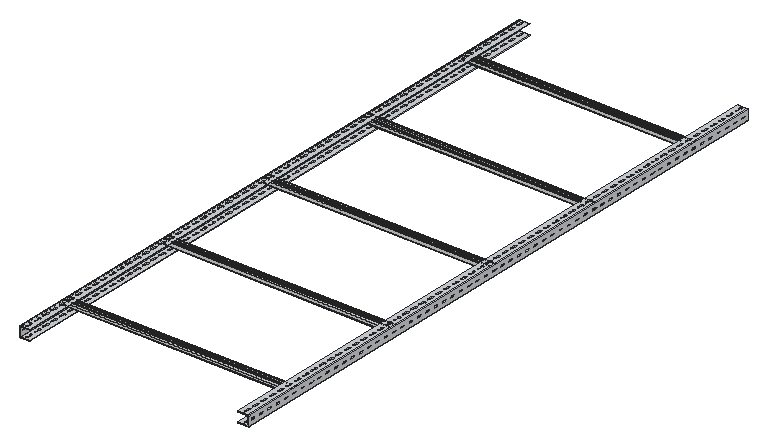
Revit family "steigeleiter_1100_FT", category Generic Models, Revit 2017 (continued)
Forms (mm)
  Extrusion 306, void
    sketch origin (0, 250, 0) x (0, 1, 0) y (0, 0, 1)
      loop
        arc (34.5, 19.5) -> (40, 25) -> (34.5, 30.5) r 5.5
    from -550 to -547.5
  Extrusion 307, void
    sketch origin (0, 300, 0) x (0, 1, 0) y (0, 0, 1)
      loop
        line (34.5, 30.5) -> (15.5, 30.5)
        arc (15.5, 30.5) -> (10, 25) -> (15.5, 19.5) r 5.5
        line (15.5, 19.5) -> (34.5, 19.5)
        arc (34.5, 19.5) -> (40, 25) -> (34.5, 30.5) r 5.5
    from -550 to -547.5
  Extrusion 308, void
    sketch origin (0, 350, 0) x (0, 1, 0) y (0, 0, 1)
      loop
        line (34.5, 30.5) -> (15.5, 30.5)
        arc (15.5, 30.5) -> (10, 25) -> (15.5, 19.5) r 5.5
        line (15.5, 19.5) -> (34.5, 19.5)
        arc (34.5, 19.5) -> (40, 25) -> (34.5, 30.5) r 5.5
    from -550 to -547.5
  Extrusion 309, void
    sketch origin (0, 400, 0) x (0, 1, 0) y (0, 0, 1)
      loop
        line (34.5, 30.5) -> (15.5, 30.5)
        arc (15.5, 30.5) -> (10, 25) -> (15.5, 19.5) r 5.5
        line (15.5, 19.5) -> (34.5, 19.5)
        arc (34.5, 19.5) -> (40, 25) -> (34.5, 30.5) r 5.5
    from -550 to -547.5
  Extrusion 310, void
    sketch origin (0, 450, 0) x (0, 1, 0) y (0, 0, 1)
      loop
        line (34.5, 30.5) -> (15.5, 30.5)
        arc (15.5, 30.5) -> (10, 25) -> (15.5, 19.5) r 5.5
        line (15.5, 19.5) -> (34.5, 19.5)
        arc (34.5, 19.5) -> (40, 25) -> (34.5, 30.5) r 5.5
    from -550 to -547.5
  Extrusion 311, void
    sketch origin (0, 500, 0) x (0, 1, 0) y (0, 0, 1)
      loop
        line (34.5, 30.5) -> (15.5, 30.5)
        arc (15.5, 30.5) -> (10, 25) -> (15.5, 19.5) r 5.5
        line (15.5, 19.5) -> (34.5, 19.5)
        arc (34.5, 19.5) -> (40, 25) -> (34.5, 30.5) r 5.5
    from -550 to -547.5
  Extrusion 312, void
    sketch origin (0, 550, 0) x (0, 1, 0) y (0, 0, 1)
      loop
        line (34.5, 30.5) -> (15.5, 30.5)
        arc (15.5, 30.5) -> (10, 25) -> (15.5, 19.5) r 5.5
        line (15.5, 19.5) -> (34.5, 19.5)
        arc (34.5, 19.5) -> (40, 25) -> (34.5, 30.5) r 5.5
    from -550 to -547.5
  Extrusion 313, void
    sketch origin (0, 600, 0) x (0, 1, 0) y (0, 0, 1)
      loop
        line (34.5, 30.5) -> (15.5, 30.5)
        arc (15.5, 30.5) -> (10, 25) -> (15.5, 19.5) r 5.5
        line (15.5, 19.5) -> (34.5, 19.5)
        arc (34.5, 19.5) -> (40, 25) -> (34.5, 30.5) r 5.5
    from -550 to -547.5
  Extrusion 314, void
    sketch origin (0, 650, 0) x (0, 1, 0) y (0, 0, 1)
      loop
        line (34.5, 30.5) -> (15.5, 30.5)
        arc (15.5, 30.5) -> (10, 25) -> (15.5, 19.5) r 5.5
        line (15.5, 19.5) -> (34.5, 19.5)
        arc (34.5, 19.5) -> (40, 25) -> (34.5, 30.5) r 5.5
    from -550 to -547.5
  Extrusion 315, void
    sketch origin (0, 700, 0) x (0, 1, 0) y (0, 0, 1)
      loop
        line (34.5, 30.5) -> (15.5, 30.5)
        arc (15.5, 30.5) -> (10, 25) -> (15.5, 19.5) r 5.5
        line (15.5, 19.5) -> (34.5, 19.5)
        arc (34.5, 19.5) -> (40, 25) -> (34.5, 30.5) r 5.5
    from -550 to -547.5
  Extrusion 316, void
    sketch origin (0, 750, 0) x (0, 1, 0) y (0, 0, 1)
      loop
        line (34.5, 30.5) -> (15.5, 30.5)
        arc (15.5, 30.5) -> (10, 25) -> (15.5, 19.5) r 5.5
        line (15.5, 19.5) -> (34.5, 19.5)
        arc (34.5, 19.5) -> (40, 25) -> (34.5, 30.5) r 5.5
    from -550 to -547.5
  Extrusion 317, void
    sketch origin (0, 800, 0) x (0, 1, 0) y (0, 0, 1)
      loop
        line (34.5, 30.5) -> (15.5, 30.5)
        arc (15.5, 30.5) -> (10, 25) -> (15.5, 19.5) r 5.5
        line (15.5, 19.5) -> (34.5, 19.5)
        arc (34.5, 19.5) -> (40, 25) -> (34.5, 30.5) r 5.5
    from -550 to -547.5
  Extrusion 318, void
    sketch origin (0, 850, 0) x (0, 1, 0) y (0, 0, 1)
      loop
        line (34.5, 30.5) -> (15.5, 30.5)
        arc (15.5, 30.5) -> (10, 25) -> (15.5, 19.5) r 5.5
        line (15.5, 19.5) -> (34.5, 19.5)
        arc (34.5, 19.5) -> (40, 25) -> (34.5, 30.5) r 5.5
    from -550 to -547.5
  Extrusion 319, void
    sketch origin (0, 900, 0) x (0, 1, 0) y (0, 0, 1)
      loop
        line (34.5, 30.5) -> (15.5, 30.5)
        arc (15.5, 30.5) -> (10, 25) -> (15.5, 19.5) r 5.5
        line (15.5, 19.5) -> (34.5, 19.5)
        arc (34.5, 19.5) -> (40, 25) -> (34.5, 30.5) r 5.5
    from -550 to -547.5
  Extrusion 320, void
    sketch origin (0, 950, 0) x (0, 1, 0) y (0, 0, 1)
      loop
        line (34.5, 30.5) -> (15.5, 30.5)
        arc (15.5, 30.5) -> (10, 25) -> (15.5, 19.5) r 5.5
        line (15.5, 19.5) -> (34.5, 19.5)
        arc (34.5, 19.5) -> (40, 25) -> (34.5, 30.5) r 5.5
    from -550 to -547.5
  Extrusion 321, void
    sketch origin (0, 1000, 0) x (0, 1, 0) y (0, 0, 1)
      loop
        line (34.5, 30.5) -> (15.5, 30.5)
        arc (15.5, 30.5) -> (10, 25) -> (15.5, 19.5) r 5.5
        line (15.5, 19.5) -> (34.5, 19.5)
        arc (34.5, 19.5) -> (40, 25) -> (34.5, 30.5) r 5.5
    from -550 to -547.5
  Extrusion 322, void
    sketch origin (0, 1050, 0) x (0, 1, 0) y (0, 0, 1)
      loop
        line (34.5, 30.5) -> (15.5, 30.5)
        arc (15.5, 30.5) -> (10, 25) -> (15.5, 19.5) r 5.5
        line (15.5, 19.5) -> (34.5, 19.5)
        arc (34.5, 19.5) -> (40, 25) -> (34.5, 30.5) r 5.5
    from -550 to -547.5
  Extrusion 323, void
    sketch origin (0, 1100, 0) x (0, 1, 0) y (0, 0, 1)
      loop
        line (34.5, 30.5) -> (15.5, 30.5)
        arc (15.5, 30.5) -> (10, 25) -> (15.5, 19.5) r 5.5
        line (15.5, 19.5) -> (34.5, 19.5)
        arc (34.5, 19.5) -> (40, 25) -> (34.5, 30.5) r 5.5
    from -550 to -547.5
  Extrusion 324, void
    sketch origin (0, 1150, 0) x (0, 1, 0) y (0, 0, 1)
      loop
        line (34.5, 30.5) -> (15.5, 30.5)
        arc (15.5, 30.5) -> (10, 25) -> (15.5, 19.5) r 5.5
        line (15.5, 19.5) -> (34.5, 19.5)
        arc (34.5, 19.5) -> (40, 25) -> (34.5, 30.5) r 5.5
    from -550 to -547.5
  Extrusion 325, void
    sketch origin (0, 1200, 0) x (0, 1, 0) y (0, 0, 1)
      loop
        line (34.5, 30.5) -> (15.5, 30.5)
        arc (15.5, 30.5) -> (10, 25) -> (15.5, 19.5) r 5.5
        line (15.5, 19.5) -> (34.5, 19.5)
        arc (34.5, 19.5) -> (40, 25) -> (34.5, 30.5) r 5.5
    from -550 to -547.5
  Extrusion 326, void
    sketch origin (0, 1250, 0) x (0, 1, 0) y (0, 0, 1)
      loop
        line (34.5, 30.5) -> (15.5, 30.5)
        arc (15.5, 30.5) -> (10, 25) -> (15.5, 19.5) r 5.5
        line (15.5, 19.5) -> (34.5, 19.5)
        arc (34.5, 19.5) -> (40, 25) -> (34.5, 30.5) r 5.5
    from -550 to -547.5
  Extrusion 327, void
    sketch origin (0, 1300, 0) x (0, 1, 0) y (0, 0, 1)
      loop
        line (34.5, 30.5) -> (15.5, 30.5)
        arc (15.5, 30.5) -> (10, 25) -> (15.5, 19.5) r 5.5
        line (15.5, 19.5) -> (34.5, 19.5)
        arc (34.5, 19.5) -> (40, 25) -> (34.5, 30.5) r 5.5
    from -550 to -547.5
  Extrusion 328, void
    sketch origin (0, 1350, 0) x (0, 1, 0) y (0, 0, 1)
      loop
        line (34.5, 30.5) -> (15.5, 30.5)
        arc (15.5, 30.5) -> (10, 25) -> (15.5, 19.5) r 5.5
        line (15.5, 19.5) -> (34.5, 19.5)
        arc (34.5, 19.5) -> (40, 25) -> (34.5, 30.5) r 5.5
    from -550 to -547.5
  Extrusion 329, void
    sketch origin (0, 1400, 0) x (0, 1, 0) y (0, 0, 1)
      loop
        line (34.5, 30.5) -> (15.5, 30.5)
        arc (15.5, 30.5) -> (10, 25) -> (15.5, 19.5) r 5.5
        line (15.5, 19.5) -> (34.5, 19.5)
        arc (34.5, 19.5) -> (40, 25) -> (34.5, 30.5) r 5.5
    from -550 to -547.5
  Extrusion 330, void
    sketch origin (0, 1450, 0) x (0, 1, 0) y (0, 0, 1)
      loop
        line (34.5, 30.5) -> (15.5, 30.5)
        arc (15.5, 30.5) -> (10, 25) -> (15.5, 19.5) r 5.5
        line (15.5, 19.5) -> (34.5, 19.5)
        arc (34.5, 19.5) -> (40, 25) -> (34.5, 30.5) r 5.5
    from -550 to -547.5
  Extrusion 331, void
    sketch origin (0, 1500, 0) x (0, 1, 0) y (0, 0, 1)
      loop
        line (34.5, 30.5) -> (15.5, 30.5)
        arc (15.5, 30.5) -> (10, 25) -> (15.5, 19.5) r 5.5
        line (15.5, 19.5) -> (34.5, 19.5)
        arc (34.5, 19.5) -> (40, 25) -> (34.5, 30.5) r 5.5
    from -550 to -547.5
  Extrusion 332, void
    sketch origin (0, 1550, 0) x (0, 1, 0) y (0, 0, 1)
      loop
        line (34.5, 30.5) -> (15.5, 30.5)
        arc (15.5, 30.5) -> (10, 25) -> (15.5, 19.5) r 5.5
        line (15.5, 19.5) -> (34.5, 19.5)
        arc (34.5, 19.5) -> (40, 25) -> (34.5, 30.5) r 5.5
    from -550 to -547.5
  Extrusion 333, void
    sketch origin (0, 1600, 0) x (0, 1, 0) y (0, 0, 1)
      loop
        line (34.5, 30.5) -> (15.5, 30.5)
        arc (15.5, 30.5) -> (10, 25) -> (15.5, 19.5) r 5.5
        line (15.5, 19.5) -> (34.5, 19.5)
        arc (34.5, 19.5) -> (40, 25) -> (34.5, 30.5) r 5.5
    from -550 to -547.5
  Extrusion 334, void
    sketch origin (0, 1650, 0) x (0, 1, 0) y (0, 0, 1)
      loop
        line (34.5, 30.5) -> (15.5, 30.5)
        arc (15.5, 30.5) -> (10, 25) -> (15.5, 19.5) r 5.5
        line (15.5, 19.5) -> (34.5, 19.5)
        arc (34.5, 19.5) -> (40, 25) -> (34.5, 30.5) r 5.5
    from -550 to -547.5
  Extrusion 335, void
    sketch origin (0, 1700, 0) x (0, 1, 0) y (0, 0, 1)
      loop
        line (34.5, 30.5) -> (15.5, 30.5)
        arc (15.5, 30.5) -> (10, 25) -> (15.5, 19.5) r 5.5
        line (15.5, 19.5) -> (34.5, 19.5)
        arc (34.5, 19.5) -> (40, 25) -> (34.5, 30.5) r 5.5
    from -550 to -547.5
  Extrusion 336, void
    sketch origin (0, 1750, 0) x (0, 1, 0) y (0, 0, 1)
      loop
        line (34.5, 30.5) -> (15.5, 30.5)
        arc (15.5, 30.5) -> (10, 25) -> (15.5, 19.5) r 5.5
        line (15.5, 19.5) -> (34.5, 19.5)
        arc (34.5, 19.5) -> (40, 25) -> (34.5, 30.5) r 5.5
    from -550 to -547.5
  Extrusion 337, void
    sketch origin (0, 1800, 0) x (0, 1, 0) y (0, 0, 1)
      loop
        line (34.5, 30.5) -> (15.5, 30.5)
        arc (15.5, 30.5) -> (10, 25) -> (15.5, 19.5) r 5.5
        line (15.5, 19.5) -> (34.5, 19.5)
        arc (34.5, 19.5) -> (40, 25) -> (34.5, 30.5) r 5.5
    from -550 to -547.5
  Extrusion 338, void
    sketch origin (0, 1850, 0) x (0, 1, 0) y (0, 0, 1)
      loop
        line (34.5, 30.5) -> (15.5, 30.5)
        arc (15.5, 30.5) -> (10, 25) -> (15.5, 19.5) r 5.5
        line (15.5, 19.5) -> (34.5, 19.5)
        arc (34.5, 19.5) -> (40, 25) -> (34.5, 30.5) r 5.5
    from -550 to -547.5
  Extrusion 339, void
    sketch origin (0, 1900, 0) x (0, 1, 0) y (0, 0, 1)
      loop
        line (34.5, 30.5) -> (15.5, 30.5)
        arc (15.5, 30.5) -> (10, 25) -> (15.5, 19.5) r 5.5
        line (15.5, 19.5) -> (34.5, 19.5)
        arc (34.5, 19.5) -> (40, 25) -> (34.5, 30.5) r 5.5
    from -550 to -547.5
  Extrusion 340, void
    sketch origin (0, 1950, 0) x (0, 1, 0) y (0, 0, 1)
      loop
        line (34.5, 30.5) -> (15.5, 30.5)
        arc (15.5, 30.5) -> (10, 25) -> (15.5, 19.5) r 5.5
        line (15.5, 19.5) -> (34.5, 19.5)
        arc (34.5, 19.5) -> (40, 25) -> (34.5, 30.5) r 5.5
    from -550 to -547.5
  Extrusion 341, void
    sketch origin (0, 2000, 0) x (0, 1, 0) y (0, 0, 1)
      loop
        line (34.5, 30.5) -> (15.5, 30.5)
        arc (15.5, 30.5) -> (10, 25) -> (15.5, 19.5) r 5.5
        line (15.5, 19.5) -> (34.5, 19.5)
        arc (34.5, 19.5) -> (40, 25) -> (34.5, 30.5) r 5.5
    from -550 to -547.5
  Extrusion 342, void
    sketch origin (0, 2050, 0) x (0, 1, 0) y (0, 0, 1)
      loop
        line (34.5, 30.5) -> (15.5, 30.5)
        arc (15.5, 30.5) -> (10, 25) -> (15.5, 19.5) r 5.5
        line (15.5, 19.5) -> (34.5, 19.5)
        arc (34.5, 19.5) -> (40, 25) -> (34.5, 30.5) r 5.5
    from -550 to -547.5
  Extrusion 343, void
    sketch origin (0, 2100, 0) x (0, 1, 0) y (0, 0, 1)
      loop
        line (34.5, 30.5) -> (15.5, 30.5)
        arc (15.5, 30.5) -> (10, 25) -> (15.5, 19.5) r 5.5
        line (15.5, 19.5) -> (34.5, 19.5)
        arc (34.5, 19.5) -> (40, 25) -> (34.5, 30.5) r 5.5
    from -550 to -547.5
  Extrusion 344, void
    sketch origin (0, 2150, 0) x (0, 1, 0) y (0, 0, 1)
      loop
        line (34.5, 30.5) -> (15.5, 30.5)
        arc (15.5, 30.5) -> (10, 25) -> (15.5, 19.5) r 5.5
        line (15.5, 19.5) -> (34.5, 19.5)
        arc (34.5, 19.5) -> (40, 25) -> (34.5, 30.5) r 5.5
    from -550 to -547.5
  Extrusion 345, void
    sketch origin (0, 2200, 0) x (0, 1, 0) y (0, 0, 1)
      loop
        line (34.5, 30.5) -> (15.5, 30.5)
        arc (15.5, 30.5) -> (10, 25) -> (15.5, 19.5) r 5.5
        line (15.5, 19.5) -> (34.5, 19.5)
        arc (34.5, 19.5) -> (40, 25) -> (34.5, 30.5) r 5.5
    from -550 to -547.5
  Extrusion 346, void
    sketch origin (0, 2250, 0) x (0, 1, 0) y (0, 0, 1)
      loop
        line (34.5, 30.5) -> (15.5, 30.5)
        arc (15.5, 30.5) -> (10, 25) -> (15.5, 19.5) r 5.5
        line (15.5, 19.5) -> (34.5, 19.5)
        arc (34.5, 19.5) -> (40, 25) -> (34.5, 30.5) r 5.5
    from -550 to -547.5
  Extrusion 347, void
    sketch origin (0, 2300, 0) x (0, 1, 0) y (0, 0, 1)
      loop
        line (34.5, 30.5) -> (15.5, 30.5)
        arc (15.5, 30.5) -> (10, 25) -> (15.5, 19.5) r 5.5
        line (15.5, 19.5) -> (34.5, 19.5)
        arc (34.5, 19.5) -> (40, 25) -> (34.5, 30.5) r 5.5
    from -550 to -547.5
  Extrusion 348, void
    sketch origin (0, 2350, 0) x (0, 1, 0) y (0, 0, 1)
      loop
        line (34.5, 30.5) -> (15.5, 30.5)
        arc (15.5, 30.5) -> (10, 25) -> (15.5, 19.5) r 5.5
        line (15.5, 19.5) -> (34.5, 19.5)
        arc (34.5, 19.5) -> (40, 25) -> (34.5, 30.5) r 5.5
    from -550 to -547.5
  Extrusion 349, void
    sketch origin (0, 2400, 0) x (0, 1, 0) y (0, 0, 1)
      loop
        line (34.5, 30.5) -> (15.5, 30.5)
        arc (15.5, 30.5) -> (10, 25) -> (15.5, 19.5) r 5.5
        line (15.5, 19.5) -> (34.5, 19.5)
        arc (34.5, 19.5) -> (40, 25) -> (34.5, 30.5) r 5.5
    from -550 to -547.5
  Extrusion 350, void
    sketch origin (0, 2450, 0) x (0, 1, 0) y (0, 0, 1)
      loop
        line (34.5, 30.5) -> (15.5, 30.5)
        arc (15.5, 30.5) -> (10, 25) -> (15.5, 19.5) r 5.5
        line (15.5, 19.5) -> (34.5, 19.5)
        arc (34.5, 19.5) -> (40, 25) -> (34.5, 30.5) r 5.5
    from -550 to -547.5
  Extrusion 351, void
    sketch origin (0, 2500, 0) x (0, 1, 0) y (0, 0, 1)
      loop
        line (34.5, 30.5) -> (15.5, 30.5)
        arc (15.5, 30.5) -> (10, 25) -> (15.5, 19.5) r 5.5
        line (15.5, 19.5) -> (34.5, 19.5)
        arc (34.5, 19.5) -> (40, 25) -> (34.5, 30.5) r 5.5
    from -550 to -547.5
  Extrusion 352, void
    sketch origin (0, 2550, 0) x (0, 1, 0) y (0, 0, 1)
      loop
        line (34.5, 30.5) -> (15.5, 30.5)
        arc (15.5, 30.5) -> (10, 25) -> (15.5, 19.5) r 5.5
        line (15.5, 19.5) -> (34.5, 19.5)
        arc (34.5, 19.5) -> (40, 25) -> (34.5, 30.5) r 5.5
    from -550 to -547.5
  Extrusion 353, void
    sketch origin (0, 2600, 0) x (0, 1, 0) y (0, 0, 1)
      loop
        line (34.5, 30.5) -> (15.5, 30.5)
        arc (15.5, 30.5) -> (10, 25) -> (15.5, 19.5) r 5.5
        line (15.5, 19.5) -> (34.5, 19.5)
        arc (34.5, 19.5) -> (40, 25) -> (34.5, 30.5) r 5.5
    from -550 to -547.5
  Extrusion 354, void
    sketch origin (0, 2650, 0) x (0, 1, 0) y (0, 0, 1)
      loop
        line (34.5, 30.5) -> (15.5, 30.5)
        arc (15.5, 30.5) -> (10, 25) -> (15.5, 19.5) r 5.5
        line (15.5, 19.5) -> (34.5, 19.5)
        arc (34.5, 19.5) -> (40, 25) -> (34.5, 30.5) r 5.5
    from -550 to -547.5
  Extrusion 355, void
    sketch origin (0, 2700, 0) x (0, 1, 0) y (0, 0, 1)
      loop
        line (34.5, 30.5) -> (15.5, 30.5)
        arc (15.5, 30.5) -> (10, 25) -> (15.5, 19.5) r 5.5
        line (15.5, 19.5) -> (34.5, 19.5)
        arc (34.5, 19.5) -> (40, 25) -> (34.5, 30.5) r 5.5
    from -550 to -547.5
  Extrusion 356, void
    sketch origin (0, 2750, 0) x (0, 1, 0) y (0, 0, 1)
      loop
        line (34.5, 30.5) -> (15.5, 30.5)
        arc (15.5, 30.5) -> (10, 25) -> (15.5, 19.5) r 5.5
        line (15.5, 19.5) -> (34.5, 19.5)
        arc (34.5, 19.5) -> (40, 25) -> (34.5, 30.5) r 5.5
    from -550 to -547.5
  Extrusion 357, void
    sketch origin (0, 2800, 0) x (0, 1, 0) y (0, 0, 1)
      loop
        line (34.5, 30.5) -> (15.5, 30.5)
        arc (15.5, 30.5) -> (10, 25) -> (15.5, 19.5) r 5.5
        line (15.5, 19.5) -> (34.5, 19.5)
        arc (34.5, 19.5) -> (40, 25) -> (34.5, 30.5) r 5.5
    from -550 to -547.5
  Extrusion 358, void
    sketch origin (0, 2850, 0) x (0, 1, 0) y (0, 0, 1)
      loop
        line (34.5, 30.5) -> (15.5, 30.5)
        arc (15.5, 30.5) -> (10, 25) -> (15.5, 19.5) r 5.5
        line (15.5, 19.5) -> (34.5, 19.5)
        arc (34.5, 19.5) -> (40, 25) -> (34.5, 30.5) r 5.5
    from -550 to -547.5
  Extrusion 359, void
    sketch origin (0, 2900, 0) x (0, 1, 0) y (0, 0, 1)
      loop
        line (34.5, 30.5) -> (15.5, 30.5)
        arc (15.5, 30.5) -> (10, 25) -> (15.5, 19.5) r 5.5
        line (15.5, 19.5) -> (34.5, 19.5)
        arc (34.5, 19.5) -> (40, 25) -> (34.5, 30.5) r 5.5
    from -550 to -547.5
  Extrusion 360, void
    sketch origin (0, 2950, 0) x (0, 1, 0) y (0, 0, 1)
      loop
        line (34.5, 30.5) -> (15.5, 30.5)
        arc (15.5, 30.5) -> (10, 25) -> (15.5, 19.5) r 5.5
        line (15.5, 19.5) -> (34.5, 19.5)
        arc (34.5, 19.5) -> (40, 25) -> (34.5, 30.5) r 5.5
    from -550 to -547.5
  Extrusion 361, void
    sketch origin (0, 0, 0) x (0, 1, 0) y (0, 0, 1)
      loop
        line (34.5, 30.5) -> (15.5, 30.5)
        arc (15.5, 30.5) -> (10, 25) -> (15.5, 19.5) r 5.5
        line (15.5, 19.5) -> (34.5, 19.5)
        arc (34.5, 19.5) -> (40, 25) -> (34.5, 30.5) r 5.5
    from -550 to -547.5
  Extrusion 362, solid
    sketch origin (0, 0, 0) x (0, 1, 0) y (0, 0, 1)
      loop
        arc (257.5, 27) -> (256.086, 27.586) -> (255.5, 29) r 2
        line (255.5, 29) -> (255.5, 43.5)
        arc (255.5, 43.5) -> (256.086, 44.914) -> (257.5, 45.5) r 2
        line (257.5, 45.5) -> (261.5, 45.5)
        arc (261.5, 45.5) -> (262.207, 45.207) -> (262.5, 44.5) r 1
        line (262.5, 44.5) -> (262.5, 42) -> (264.5, 42) -> (264.5, 44.5)
        arc (264.5, 44.5) -> (263.621, 46.621) -> (261.5, 47.5) r 3
        line (261.5, 47.5) -> (257.5, 47.5)
        arc (257.5, 47.5) -> (254.672, 46.328) -> (253.5, 43.5) r 4
        line (253.5, 43.5) -> (253.5, 29)
        arc (253.5, 29) -> (254.672, 26.172) -> (257.5, 25) r 4
        line (257.5, 25) -> (289.5, 25)
        arc (289.5, 25) -> (292.328, 26.172) -> (293.5, 29) r 4
        line (293.5, 29) -> (293.5, 43.5)
        arc (293.5, 43.5) -> (292.328, 46.328) -> (289.5, 47.5) r 4
        line (289.5, 47.5) -> (285.5, 47.5)
        arc (285.5, 47.5) -> (283.379, 46.621) -> (282.5, 44.5) r 3
        line (282.5, 44.5) -> (282.5, 42) -> (284.5, 42) -> (284.5, 44.5)
        arc (284.5, 44.5) -> (284.793, 45.207) -> (285.5, 45.5) r 1
        line (285.5, 45.5) -> (289.5, 45.5)
        arc (289.5, 45.5) -> (290.914, 44.914) -> (291.5, 43.5) r 2
        line (291.5, 43.5) -> (291.5, 29)
        arc (291.5, 29) -> (290.914, 27.586) -> (289.5, 27) r 2
        line (289.5, 27) -> (257.5, 27)
    from -547.5 to 547.5
  Extrusion 363, solid
    sketch origin (0, 600, 0) x (0, 1, 0) y (0, 0, 1)
      loop
        arc (257.5, 27) -> (256.086, 27.586) -> (255.5, 29) r 2
        line (255.5, 29) -> (255.5, 43.5)
        arc (255.5, 43.5) -> (256.086, 44.914) -> (257.5, 45.5) r 2
        line (257.5, 45.5) -> (261.5, 45.5)
        arc (261.5, 45.5) -> (262.207, 45.207) -> (262.5, 44.5) r 1
        line (262.5, 44.5) -> (262.5, 42) -> (264.5, 42) -> (264.5, 44.5)
        arc (264.5, 44.5) -> (263.621, 46.621) -> (261.5, 47.5) r 3
        line (261.5, 47.5) -> (257.5, 47.5)
        arc (257.5, 47.5) -> (254.672, 46.328) -> (253.5, 43.5) r 4
        line (253.5, 43.5) -> (253.5, 29)
        arc (253.5, 29) -> (254.672, 26.172) -> (257.5, 25) r 4
        line (257.5, 25) -> (289.5, 25)
        arc (289.5, 25) -> (292.328, 26.172) -> (293.5, 29) r 4
        line (293.5, 29) -> (293.5, 43.5)
        arc (293.5, 43.5) -> (292.328, 46.328) -> (289.5, 47.5) r 4
        line (289.5, 47.5) -> (285.5, 47.5)
        arc (285.5, 47.5) -> (283.379, 46.621) -> (282.5, 44.5) r 3
        line (282.5, 44.5) -> (282.5, 42) -> (284.5, 42) -> (284.5, 44.5)
        arc (284.5, 44.5) -> (284.793, 45.207) -> (285.5, 45.5) r 1
        line (285.5, 45.5) -> (289.5, 45.5)
        arc (289.5, 45.5) -> (290.914, 44.914) -> (291.5, 43.5) r 2
        line (291.5, 43.5) -> (291.5, 29)
        arc (291.5, 29) -> (290.914, 27.586) -> (289.5, 27) r 2
        line (289.5, 27) -> (257.5, 27)
    from -547.5 to 547.5
  Extrusion 364, solid
    sketch origin (0, 1200, 0) x (0, 1, 0) y (0, 0, 1)
      loop
        arc (257.5, 27) -> (256.086, 27.586) -> (255.5, 29) r 2
        line (255.5, 29) -> (255.5, 43.5)
        arc (255.5, 43.5) -> (256.086, 44.914) -> (257.5, 45.5) r 2
        line (257.5, 45.5) -> (261.5, 45.5)
        arc (261.5, 45.5) -> (262.207, 45.207) -> (262.5, 44.5) r 1
        line (262.5, 44.5) -> (262.5, 42) -> (264.5, 42) -> (264.5, 44.5)
        arc (264.5, 44.5) -> (263.621, 46.621) -> (261.5, 47.5) r 3
        line (261.5, 47.5) -> (257.5, 47.5)
        arc (257.5, 47.5) -> (254.672, 46.328) -> (253.5, 43.5) r 4
        line (253.5, 43.5) -> (253.5, 29)
        arc (253.5, 29) -> (254.672, 26.172) -> (257.5, 25) r 4
        line (257.5, 25) -> (289.5, 25)
        arc (289.5, 25) -> (292.328, 26.172) -> (293.5, 29) r 4
        line (293.5, 29) -> (293.5, 43.5)
        arc (293.5, 43.5) -> (292.328, 46.328) -> (289.5, 47.5) r 4
        line (289.5, 47.5) -> (285.5, 47.5)
        arc (285.5, 47.5) -> (283.379, 46.621) -> (282.5, 44.5) r 3
        line (282.5, 44.5) -> (282.5, 42) -> (284.5, 42) -> (284.5, 44.5)
        arc (284.5, 44.5) -> (284.793, 45.207) -> (285.5, 45.5) r 1
        line (285.5, 45.5) -> (289.5, 45.5)
        arc (289.5, 45.5) -> (290.914, 44.914) -> (291.5, 43.5) r 2
        line (291.5, 43.5) -> (291.5, 29)
        arc (291.5, 29) -> (290.914, 27.586) -> (289.5, 27) r 2
        line (289.5, 27) -> (257.5, 27)
    from -547.5 to 547.5
  Extrusion 365, solid
    sketch origin (0, 1800, 0) x (0, 1, 0) y (0, 0, 1)
      loop
        arc (257.5, 27) -> (256.086, 27.586) -> (255.5, 29) r 2
        line (255.5, 29) -> (255.5, 43.5)
        arc (255.5, 43.5) -> (256.086, 44.914) -> (257.5, 45.5) r 2
        line (257.5, 45.5) -> (261.5, 45.5)
        arc (261.5, 45.5) -> (262.207, 45.207) -> (262.5, 44.5) r 1
        line (262.5, 44.5) -> (262.5, 42) -> (264.5, 42) -> (264.5, 44.5)
        arc (264.5, 44.5) -> (263.621, 46.621) -> (261.5, 47.5) r 3
        line (261.5, 47.5) -> (257.5, 47.5)
        arc (257.5, 47.5) -> (254.672, 46.328) -> (253.5, 43.5) r 4
        line (253.5, 43.5) -> (253.5, 29)
        arc (253.5, 29) -> (254.672, 26.172) -> (257.5, 25) r 4
        line (257.5, 25) -> (289.5, 25)
        arc (289.5, 25) -> (292.328, 26.172) -> (293.5, 29) r 4
        line (293.5, 29) -> (293.5, 43.5)
        arc (293.5, 43.5) -> (292.328, 46.328) -> (289.5, 47.5) r 4
        line (289.5, 47.5) -> (285.5, 47.5)
        arc (285.5, 47.5) -> (283.379, 46.621) -> (282.5, 44.5) r 3
        line (282.5, 44.5) -> (282.5, 42) -> (284.5, 42) -> (284.5, 44.5)
        arc (284.5, 44.5) -> (284.793, 45.207) -> (285.5, 45.5) r 1
        line (285.5, 45.5) -> (289.5, 45.5)
        arc (289.5, 45.5) -> (290.914, 44.914) -> (291.5, 43.5) r 2
        line (291.5, 43.5) -> (291.5, 29)
        arc (291.5, 29) -> (290.914, 27.586) -> (289.5, 27) r 2
        line (289.5, 27) -> (257.5, 27)
    from -547.5 to 547.5
  Extrusion 366, solid
    sketch origin (0, 2400, 0) x (0, 1, 0) y (0, 0, 1)
      loop
        arc (257.5, 27) -> (256.086, 27.586) -> (255.5, 29) r 2
        line (255.5, 29) -> (255.5, 43.5)
        arc (255.5, 43.5) -> (256.086, 44.914) -> (257.5, 45.5) r 2
        line (257.5, 45.5) -> (261.5, 45.5)
        arc (261.5, 45.5) -> (262.207, 45.207) -> (262.5, 44.5) r 1
        line (262.5, 44.5) -> (262.5, 42) -> (264.5, 42) -> (264.5, 44.5)
        arc (264.5, 44.5) -> (263.621, 46.621) -> (261.5, 47.5) r 3
        line (261.5, 47.5) -> (257.5, 47.5)
        arc (257.5, 47.5) -> (254.672, 46.328) -> (253.5, 43.5) r 4
        line (253.5, 43.5) -> (253.5, 29)
        arc (253.5, 29) -> (254.672, 26.172) -> (257.5, 25) r 4
        line (257.5, 25) -> (289.5, 25)
        arc (289.5, 25) -> (292.328, 26.172) -> (293.5, 29) r 4
        line (293.5, 29) -> (293.5, 43.5)
        arc (293.5, 43.5) -> (292.328, 46.328) -> (289.5, 47.5) r 4
        line (289.5, 47.5) -> (285.5, 47.5)
        arc (285.5, 47.5) -> (283.379, 46.621) -> (282.5, 44.5) r 3
        line (282.5, 44.5) -> (282.5, 42) -> (284.5, 42) -> (284.5, 44.5)
        arc (284.5, 44.5) -> (284.793, 45.207) -> (285.5, 45.5) r 1
        line (285.5, 45.5) -> (289.5, 45.5)
        arc (289.5, 45.5) -> (290.914, 44.914) -> (291.5, 43.5) r 2
        line (291.5, 43.5) -> (291.5, 29)
        arc (291.5, 29) -> (290.914, 27.586) -> (289.5, 27) r 2
        line (289.5, 27) -> (257.5, 27)
    from -547.5 to 547.5
Cuts and joins
  Extrusion 2, Extrusion 3, Extrusion 4, Extrusion 5, Extrusion 6, Extrusion 7, Extrusion 8, Extrusion 9, Extrusion 10, Extrusion 11, Extrusion 12, Extrusion 13, Extrusion 14, Extrusion 15, Extrusion 16, Extrusion 17, Extrusion 18, Extrusion 19, Extrusion 20, Extrusion 21, Extrusion 22, Extrusion 23, Extrusion 24, Extrusion 25, Extrusion 26, Extrusion 27, Extrusion 28, Extrusion 29, Extrusion 30, Extrusion 31, Extrusion 32, Extrusion 33, Extrusion 34, Extrusion 35, Extrusion 36, Extrusion 37, Extrusion 38, Extrusion 39, Extrusion 40, Extrusion 41, Extrusion 42, Extrusion 43, Extrusion 44, Extrusion 45, Extrusion 46, Extrusion 47, Extrusion 48, Extrusion 49, Extrusion 50, Extrusion 51, Extrusion 52, Extrusion 53, Extrusion 54, Extrusion 55, Extrusion 56, Extrusion 57, Extrusion 58, Extrusion 59, Extrusion 60, Extrusion 61, Extrusion 62, Extrusion 63, Extrusion 64, Extrusion 65, Extrusion 66, Extrusion 67, Extrusion 68, Extrusion 69, Extrusion 70, Extrusion 71, Extrusion 72, Extrusion 73, Extrusion 74, Extrusion 75, Extrusion 76, Extrusion 77, Extrusion 78, Extrusion 79, Extrusion 80, Extrusion 81, Extrusion 82, Extrusion 83, Extrusion 84, Extrusion 85, Extrusion 86, Extrusion 87, Extrusion 88, Extrusion 89, Extrusion 90, Extrusion 91, Extrusion 92, Extrusion 93, Extrusion 94, Extrusion 95, Extrusion 96, Extrusion 97, Extrusion 98, Extrusion 99, Extrusion 100, Extrusion 101, Extrusion 102, Extrusion 103, Extrusion 104, Extrusion 105, Extrusion 106, Extrusion 107, Extrusion 108, Extrusion 109, Extrusion 110, Extrusion 111, Extrusion 112, Extrusion 113, Extrusion 114, Extrusion 115, Extrusion 116, Extrusion 117, Extrusion 118, Extrusion 119, Extrusion 120, Extrusion 121, Extrusion 122, Extrusion 123, Extrusion 124, Extrusion 125, Extrusion 126, Extrusion 127, Extrusion 128, Extrusion 129, Extrusion 130, Extrusion 131, Extrusion 132, Extrusion 133, Extrusion 134, Extrusion 135, Extrusion 136, Extrusion 137, Extrusion 138, Extrusion 139, Extrusion 140, Extrusion 141, Extrusion 142, Extrusion 143, Extrusion 144, Extrusion 145, Extrusion 146, Extrusion 147, Extrusion 148, Extrusion 149, Extrusion 150, Extrusion 151, Extrusion 152, Extrusion 153, Extrusion 154, Extrusion 155, Extrusion 156, Extrusion 157, Extrusion 158, Extrusion 159, Extrusion 160, Extrusion 161, Extrusion 162, Extrusion 163, Extrusion 164, Extrusion 165, Extrusion 166, Extrusion 167, Extrusion 168, Extrusion 169, Extrusion 170, Extrusion 171, Extrusion 172, Extrusion 173, Extrusion 174, Extrusion 175, Extrusion 176, Extrusion 177, Extrusion 178, Extrusion 179, Extrusion 180, Extrusion 181, Extrusion 182, Extrusion 183, Extrusion 184, Extrusion 185, Extrusion 186, Extrusion 187, Extrusion 188, Extrusion 189, Extrusion 190, Extrusion 191, Extrusion 192, Extrusion 193, Extrusion 194, Extrusion 195, Extrusion 196, Extrusion 197, Extrusion 198, Extrusion 199, Extrusion 200, Extrusion 201, Extrusion 202, Extrusion 203, Extrusion 204, Extrusion 205, Extrusion 206, Extrusion 207, Extrusion 208, Extrusion 209, Extrusion 210, Extrusion 211, Extrusion 212, Extrusion 213, Extrusion 214, Extrusion 215, Extrusion 216, Extrusion 217, Extrusion 218, Extrusion 219, Extrusion 220, Extrusion 221, Extrusion 222, Extrusion 223, Extrusion 224, Extrusion 225, Extrusion 226, Extrusion 227, Extrusion 228, Extrusion 229, Extrusion 230, Extrusion 231, Extrusion 232, Extrusion 233, Extrusion 234, Extrusion 235, Extrusion 236, Extrusion 237, Extrusion 238, Extrusion 239, Extrusion 240, Extrusion 241, Extrusion 242, Extrusion 243, Extrusion 244, Extrusion 245, Extrusion 246, Extrusion 247, Extrusion 248, Extrusion 249, Extrusion 250, Extrusion 251, Extrusion 252, Extrusion 253, Extrusion 254, Extrusion 255, Extrusion 256, Extrusion 257, Extrusion 258, Extrusion 259, Extrusion 260, Extrusion 261, Extrusion 262, Extrusion 263, Extrusion 264, Extrusion 265, Extrusion 266, Extrusion 267, Extrusion 268, Extrusion 269, Extrusion 270, Extrusion 271, Extrusion 272, Extrusion 273, Extrusion 274, Extrusion 275, Extrusion 276, Extrusion 277, Extrusion 278, Extrusion 279, Extrusion 280, Extrusion 281, Extrusion 282, Extrusion 283, Extrusion 284, Extrusion 285, Extrusion 286, Extrusion 287, Extrusion 288, Extrusion 289, Extrusion 290, Extrusion 291, Extrusion 292, Extrusion 293, Extrusion 294, Extrusion 295, Extrusion 296, Extrusion 297, Extrusion 298, Extrusion 299, Extrusion 300, Extrusion 301, Extrusion 302, Extrusion 303, Extrusion 304, Extrusion 305, Extrusion 306, Extrusion 307, Extrusion 308, Extrusion 309, Extrusion 310, Extrusion 311, Extrusion 312, Extrusion 313, Extrusion 314, Extrusion 315, Extrusion 316, Extrusion 317, Extrusion 318, Extrusion 319, Extrusion 320, Extrusion 321, Extrusion 322, Extrusion 323, Extrusion 324, Extrusion 325, Extrusion 326, Extrusion 327, Extrusion 328, Extrusion 329, Extrusion 330, Extrusion 331, Extrusion 332, Extrusion 333, Extrusion 334, Extrusion 335, Extrusion 336, Extrusion 337, Extrusion 338, Extrusion 339, Extrusion 340, Extrusion 341, Extrusion 342, Extrusion 343, Extrusion 344, Extrusion 345, Extrusion 346, Extrusion 347, Extrusion 348, Extrusion 349, Extrusion 350, Extrusion 351, Extrusion 352, Extrusion 353, Extrusion 354, Extrusion 355, Extrusion 356, Extrusion 357, Extrusion 358, Extrusion 359, Extrusion 360, Extrusion 361 cuts Extrusion 1
Dimensions and locks
  locked: Extrusion 1 sketch curve to Extrusion 1 sketch curve at 2.5  (x6)
  Extrusion 1 sketch curve to Extrusion 1 sketch curve = 2.5 mm  (x3)
  locked: level to Extrusion 1 at 2.5
  "Length": plane 5 to plane 1 "Center (Front/Back)"
  locked: Extrusion 1 sketch curve to Extrusion 1 sketch curve at 50  (x6)
  Extrusion 1 sketch curve to Extrusion 1 sketch curve = 50 mm
  "Width": Extrusion 1 to Extrusion 1
  "Width 1": Extrusion 1 to plane 3 "Center (Left/Right)"
  locked: Extrusion 2 sketch curve to Extrusion 2 sketch curve at 11
  locked: Extrusion 3 sketch curve to Extrusion 3 sketch curve at 11
  locked: Extrusion 4 sketch curve to Extrusion 4 sketch curve at 11
  locked: Extrusion 5 sketch curve to Extrusion 5 sketch curve at 11
  locked: Extrusion 6 sketch curve to Extrusion 6 sketch curve at 11
  locked: Extrusion 7 sketch curve to Extrusion 7 sketch curve at 11
  locked: Extrusion 8 sketch curve to Extrusion 8 sketch curve at 11
  locked: Extrusion 9 sketch curve to Extrusion 9 sketch curve at 11
  locked: Extrusion 10 sketch curve to Extrusion 10 sketch curve at 11
  locked: Extrusion 11 sketch curve to Extrusion 11 sketch curve at 11
  locked: Extrusion 12 sketch curve to Extrusion 12 sketch curve at 11
  locked: Extrusion 13 sketch curve to Extrusion 13 sketch curve at 11
  locked: Extrusion 14 sketch curve to Extrusion 14 sketch curve at 11
  locked: Extrusion 15 sketch curve to Extrusion 15 sketch curve at 11
  locked: Extrusion 16 sketch curve to Extrusion 16 sketch curve at 11
  locked: Extrusion 17 sketch curve to Extrusion 17 sketch curve at 11
  locked: Extrusion 18 sketch curve to Extrusion 18 sketch curve at 11
  locked: Extrusion 19 sketch curve to Extrusion 19 sketch curve at 11
  locked: Extrusion 20 sketch curve to Extrusion 20 sketch curve at 11
  locked: Extrusion 21 sketch curve to Extrusion 21 sketch curve at 11
  locked: Extrusion 22 sketch curve to Extrusion 22 sketch curve at 11
  locked: Extrusion 23 sketch curve to Extrusion 23 sketch curve at 11
  locked: Extrusion 24 sketch curve to Extrusion 24 sketch curve at 11
  locked: Extrusion 25 sketch curve to Extrusion 25 sketch curve at 11
  locked: Extrusion 26 sketch curve to Extrusion 26 sketch curve at 11
  locked: Extrusion 27 sketch curve to Extrusion 27 sketch curve at 11
  locked: Extrusion 28 sketch curve to Extrusion 28 sketch curve at 11
  locked: Extrusion 29 sketch curve to Extrusion 29 sketch curve at 11
  locked: Extrusion 30 sketch curve to Extrusion 30 sketch curve at 11
  locked: Extrusion 31 sketch curve to Extrusion 31 sketch curve at 11
  locked: Extrusion 32 sketch curve to Extrusion 32 sketch curve at 11
  locked: Extrusion 33 sketch curve to Extrusion 33 sketch curve at 11
  locked: Extrusion 34 sketch curve to Extrusion 34 sketch curve at 11
  locked: Extrusion 35 sketch curve to Extrusion 35 sketch curve at 11
  locked: Extrusion 36 sketch curve to Extrusion 36 sketch curve at 11
  locked: Extrusion 37 sketch curve to Extrusion 37 sketch curve at 11
  locked: Extrusion 38 sketch curve to Extrusion 38 sketch curve at 11
  locked: Extrusion 39 sketch curve to Extrusion 39 sketch curve at 11
  locked: Extrusion 40 sketch curve to Extrusion 40 sketch curve at 11
  locked: Extrusion 41 sketch curve to Extrusion 41 sketch curve at 11
  locked: Extrusion 42 sketch curve to Extrusion 42 sketch curve at 11
  locked: Extrusion 43 sketch curve to Extrusion 43 sketch curve at 11
  locked: Extrusion 44 sketch curve to Extrusion 44 sketch curve at 11
  locked: Extrusion 45 sketch curve to Extrusion 45 sketch curve at 11
  locked: Extrusion 46 sketch curve to Extrusion 46 sketch curve at 11
  locked: Extrusion 47 sketch curve to Extrusion 47 sketch curve at 11
  locked: Extrusion 48 sketch curve to Extrusion 48 sketch curve at 11
  locked: Extrusion 49 sketch curve to Extrusion 49 sketch curve at 11
  locked: Extrusion 50 sketch curve to Extrusion 50 sketch curve at 11
  locked: Extrusion 51 sketch curve to Extrusion 51 sketch curve at 11
  locked: Extrusion 52 sketch curve to Extrusion 52 sketch curve at 11
  locked: Extrusion 53 sketch curve to Extrusion 53 sketch curve at 11
  locked: Extrusion 54 sketch curve to Extrusion 54 sketch curve at 11
  locked: Extrusion 55 sketch curve to Extrusion 55 sketch curve at 11
  locked: Extrusion 56 sketch curve to Extrusion 56 sketch curve at 11
  locked: Extrusion 57 sketch curve to Extrusion 57 sketch curve at 11
  locked: Extrusion 58 sketch curve to Extrusion 58 sketch curve at 11
  locked: Extrusion 59 sketch curve to Extrusion 59 sketch curve at 11
  locked: Extrusion 60 sketch curve to Extrusion 60 sketch curve at 11
  locked: Extrusion 61 sketch curve to Extrusion 61 sketch curve at 11
  locked: Extrusion 62 sketch curve to Extrusion 62 sketch curve at 11
  locked: Extrusion 63 sketch curve to Extrusion 63 sketch curve at 11
  locked: Extrusion 64 sketch curve to Extrusion 64 sketch curve at 11
  locked: Extrusion 65 sketch curve to Extrusion 65 sketch curve at 11
  locked: Extrusion 66 sketch curve to Extrusion 66 sketch curve at 11
  locked: Extrusion 67 sketch curve to Extrusion 67 sketch curve at 11
  locked: Extrusion 68 sketch curve to Extrusion 68 sketch curve at 11
  locked: Extrusion 69 sketch curve to Extrusion 69 sketch curve at 11
  locked: Extrusion 70 sketch curve to Extrusion 70 sketch curve at 11
  locked: Extrusion 71 sketch curve to Extrusion 71 sketch curve at 11
  locked: Extrusion 72 sketch curve to Extrusion 72 sketch curve at 11
  locked: Extrusion 73 sketch curve to Extrusion 73 sketch curve at 11
  locked: Extrusion 74 sketch curve to Extrusion 74 sketch curve at 11
  locked: Extrusion 75 sketch curve to Extrusion 75 sketch curve at 11
  locked: Extrusion 76 sketch curve to Extrusion 76 sketch curve at 11
  locked: Extrusion 77 sketch curve to Extrusion 77 sketch curve at 11
  locked: Extrusion 78 sketch curve to Extrusion 78 sketch curve at 11
  locked: Extrusion 79 sketch curve to Extrusion 79 sketch curve at 11
  locked: Extrusion 80 sketch curve to Extrusion 80 sketch curve at 11
  locked: Extrusion 81 sketch curve to Extrusion 81 sketch curve at 11
  locked: Extrusion 82 sketch curve to Extrusion 82 sketch curve at 11
  locked: Extrusion 83 sketch curve to Extrusion 83 sketch curve at 11
  locked: Extrusion 84 sketch curve to Extrusion 84 sketch curve at 11
  locked: Extrusion 85 sketch curve to Extrusion 85 sketch curve at 11
  locked: Extrusion 86 sketch curve to Extrusion 86 sketch curve at 11
  locked: Extrusion 87 sketch curve to Extrusion 87 sketch curve at 11
  locked: Extrusion 88 sketch curve to Extrusion 88 sketch curve at 11
  locked: Extrusion 89 sketch curve to Extrusion 89 sketch curve at 11
  locked: Extrusion 90 sketch curve to Extrusion 90 sketch curve at 11
  locked: Extrusion 91 sketch curve to Extrusion 91 sketch curve at 11
  locked: Extrusion 92 sketch curve to Extrusion 92 sketch curve at 11
  locked: Extrusion 93 sketch curve to Extrusion 93 sketch curve at 11
  locked: Extrusion 94 sketch curve to Extrusion 94 sketch curve at 11
  locked: Extrusion 95 sketch curve to Extrusion 95 sketch curve at 11
  locked: Extrusion 96 sketch curve to Extrusion 96 sketch curve at 11
  locked: Extrusion 97 sketch curve to Extrusion 97 sketch curve at 11
  locked: Extrusion 98 sketch curve to Extrusion 98 sketch curve at 11
  locked: Extrusion 99 sketch curve to Extrusion 99 sketch curve at 11
  locked: Extrusion 100 sketch curve to Extrusion 100 sketch curve at 11
  locked: Extrusion 101 sketch curve to Extrusion 101 sketch curve at 11
  locked: Extrusion 102 sketch curve to Extrusion 102 sketch curve at 11
  locked: Extrusion 103 sketch curve to Extrusion 103 sketch curve at 11
  locked: Extrusion 104 sketch curve to Extrusion 104 sketch curve at 11
  locked: Extrusion 105 sketch curve to Extrusion 105 sketch curve at 11
  locked: Extrusion 106 sketch curve to Extrusion 106 sketch curve at 11
  locked: Extrusion 107 sketch curve to Extrusion 107 sketch curve at 11
  locked: Extrusion 108 sketch curve to Extrusion 108 sketch curve at 11
  locked: Extrusion 109 sketch curve to Extrusion 109 sketch curve at 11
  locked: Extrusion 110 sketch curve to Extrusion 110 sketch curve at 11
  locked: Extrusion 111 sketch curve to Extrusion 111 sketch curve at 11
  locked: Extrusion 112 sketch curve to Extrusion 112 sketch curve at 11
  locked: Extrusion 113 sketch curve to Extrusion 113 sketch curve at 11
  locked: Extrusion 114 sketch curve to Extrusion 114 sketch curve at 11
  locked: Extrusion 115 sketch curve to Extrusion 115 sketch curve at 11
  locked: Extrusion 116 sketch curve to Extrusion 116 sketch curve at 11
  locked: Extrusion 117 sketch curve to Extrusion 117 sketch curve at 11
  locked: Extrusion 118 sketch curve to Extrusion 118 sketch curve at 11
  locked: Extrusion 119 sketch curve to Extrusion 119 sketch curve at 11
  locked: Extrusion 120 sketch curve to Extrusion 120 sketch curve at 11
  locked: Extrusion 121 sketch curve to Extrusion 121 sketch curve at 11
  locked: Extrusion 122 sketch curve to Extrusion 122 sketch curve at 11
  locked: Extrusion 123 sketch curve to Extrusion 123 sketch curve at 11
  equal spacing: group 119, group 120, group 121, group 122, group 123, group 124, group 125, group 126, group 127, group 128, group 129, group 130, group 131, group 132, group 133, group 134, group 135, group 136, group 137, group 138, group 139, group 140, group 141, group 142, group 143, group 144, group 145, group 146, group 147, group 148, group 149, group 150, group 151, group 152, group 153, group 154, group 155, group 156, group 157, group 158, group 159, group 160, group 161, group 162, group 163, group 164, group 165, group 166, group 167, group 168, group 169, group 170, group 171, group 172, group 173, group 174, group 175, group 176, group 177, group 178  (x3)
  locked: Extrusion 124 sketch curve to Extrusion 124 sketch curve at 11
  locked: Extrusion 125 sketch curve to Extrusion 125 sketch curve at 11
  locked: Extrusion 126 sketch curve to Extrusion 126 sketch curve at 11
  locked: Extrusion 127 sketch curve to Extrusion 127 sketch curve at 11
  locked: Extrusion 128 sketch curve to Extrusion 128 sketch curve at 11
  locked: Extrusion 129 sketch curve to Extrusion 129 sketch curve at 11
  locked: Extrusion 130 sketch curve to Extrusion 130 sketch curve at 11
  locked: Extrusion 131 sketch curve to Extrusion 131 sketch curve at 11
  locked: Extrusion 132 sketch curve to Extrusion 132 sketch curve at 11
  locked: Extrusion 133 sketch curve to Extrusion 133 sketch curve at 11
  locked: Extrusion 134 sketch curve to Extrusion 134 sketch curve at 11
  locked: Extrusion 135 sketch curve to Extrusion 135 sketch curve at 11
  locked: Extrusion 136 sketch curve to Extrusion 136 sketch curve at 11
  locked: Extrusion 137 sketch curve to Extrusion 137 sketch curve at 11
  locked: Extrusion 138 sketch curve to Extrusion 138 sketch curve at 11
  locked: Extrusion 139 sketch curve to Extrusion 139 sketch curve at 11
  locked: Extrusion 140 sketch curve to Extrusion 140 sketch curve at 11
  locked: Extrusion 141 sketch curve to Extrusion 141 sketch curve at 11
  locked: Extrusion 142 sketch curve to Extrusion 142 sketch curve at 11
  locked: Extrusion 143 sketch curve to Extrusion 143 sketch curve at 11
  locked: Extrusion 144 sketch curve to Extrusion 144 sketch curve at 11
  locked: Extrusion 145 sketch curve to Extrusion 145 sketch curve at 11
  locked: Extrusion 146 sketch curve to Extrusion 146 sketch curve at 11
  locked: Extrusion 147 sketch curve to Extrusion 147 sketch curve at 11
  locked: Extrusion 148 sketch curve to Extrusion 148 sketch curve at 11
  locked: Extrusion 149 sketch curve to Extrusion 149 sketch curve at 11
  locked: Extrusion 150 sketch curve to Extrusion 150 sketch curve at 11
  locked: Extrusion 151 sketch curve to Extrusion 151 sketch curve at 11
  locked: Extrusion 152 sketch curve to Extrusion 152 sketch curve at 11
  locked: Extrusion 153 sketch curve to Extrusion 153 sketch curve at 11
  locked: Extrusion 154 sketch curve to Extrusion 154 sketch curve at 11
  locked: Extrusion 155 sketch curve to Extrusion 155 sketch curve at 11
  locked: Extrusion 156 sketch curve to Extrusion 156 sketch curve at 11
  locked: Extrusion 157 sketch curve to Extrusion 157 sketch curve at 11
  locked: Extrusion 158 sketch curve to Extrusion 158 sketch curve at 11
  locked: Extrusion 159 sketch curve to Extrusion 159 sketch curve at 11
  locked: Extrusion 160 sketch curve to Extrusion 160 sketch curve at 11
  locked: Extrusion 161 sketch curve to Extrusion 161 sketch curve at 11
  locked: Extrusion 162 sketch curve to Extrusion 162 sketch curve at 11
  locked: Extrusion 163 sketch curve to Extrusion 163 sketch curve at 11
  locked: Extrusion 164 sketch curve to Extrusion 164 sketch curve at 11
  locked: Extrusion 165 sketch curve to Extrusion 165 sketch curve at 11
  locked: Extrusion 166 sketch curve to Extrusion 166 sketch curve at 11
  locked: Extrusion 167 sketch curve to Extrusion 167 sketch curve at 11
  locked: Extrusion 168 sketch curve to Extrusion 168 sketch curve at 11
  locked: Extrusion 169 sketch curve to Extrusion 169 sketch curve at 11
  locked: Extrusion 170 sketch curve to Extrusion 170 sketch curve at 11
  locked: Extrusion 171 sketch curve to Extrusion 171 sketch curve at 11
  locked: Extrusion 172 sketch curve to Extrusion 172 sketch curve at 11
  locked: Extrusion 173 sketch curve to Extrusion 173 sketch curve at 11
  locked: Extrusion 174 sketch curve to Extrusion 174 sketch curve at 11
  locked: Extrusion 175 sketch curve to Extrusion 175 sketch curve at 11
  locked: Extrusion 176 sketch curve to Extrusion 176 sketch curve at 11
  locked: Extrusion 177 sketch curve to Extrusion 177 sketch curve at 11
  locked: Extrusion 178 sketch curve to Extrusion 178 sketch curve at 11
  locked: Extrusion 179 sketch curve to Extrusion 179 sketch curve at 11
  locked: Extrusion 180 sketch curve to Extrusion 180 sketch curve at 11
  locked: Extrusion 181 sketch curve to Extrusion 181 sketch curve at 11
  locked: Extrusion 182 sketch curve to Extrusion 182 sketch curve at 11
  locked: Extrusion 183 sketch curve to Extrusion 183 sketch curve at 11
  equal spacing: group 179, group 180, group 181, group 182, group 183, group 184, group 185, group 186, group 187, group 188, group 189, group 190, group 191, group 192, group 193, group 194, group 195, group 196, group 197, group 198, group 199, group 200, group 201, group 202, group 203, group 204, group 205, group 206, group 207, group 208, group 209, group 210, group 211, group 212, group 213, group 214, group 215, group 216, group 217, group 218, group 219, group 220, group 221, group 222, group 223, group 224, group 225, group 226, group 227, group 228, group 229, group 230, group 231, group 232, group 233, group 234, group 235, group 236, group 237, group 238  (x3)
  locked: Extrusion 184 sketch curve to Extrusion 184 sketch curve at 11
  locked: Extrusion 185 sketch curve to Extrusion 185 sketch curve at 11
  locked: Extrusion 186 sketch curve to Extrusion 186 sketch curve at 11
  locked: Extrusion 187 sketch curve to Extrusion 187 sketch curve at 11
  locked: Extrusion 188 sketch curve to Extrusion 188 sketch curve at 11
  locked: Extrusion 189 sketch curve to Extrusion 189 sketch curve at 11
  locked: Extrusion 190 sketch curve to Extrusion 190 sketch curve at 11
  locked: Extrusion 191 sketch curve to Extrusion 191 sketch curve at 11
  locked: Extrusion 192 sketch curve to Extrusion 192 sketch curve at 11
  locked: Extrusion 193 sketch curve to Extrusion 193 sketch curve at 11
  locked: Extrusion 194 sketch curve to Extrusion 194 sketch curve at 11
  locked: Extrusion 195 sketch curve to Extrusion 195 sketch curve at 11
  locked: Extrusion 196 sketch curve to Extrusion 196 sketch curve at 11
  locked: Extrusion 197 sketch curve to Extrusion 197 sketch curve at 11
  locked: Extrusion 198 sketch curve to Extrusion 198 sketch curve at 11
  locked: Extrusion 199 sketch curve to Extrusion 199 sketch curve at 11
  locked: Extrusion 200 sketch curve to Extrusion 200 sketch curve at 11
  locked: Extrusion 201 sketch curve to Extrusion 201 sketch curve at 11
  locked: Extrusion 202 sketch curve to Extrusion 202 sketch curve at 11
  locked: Extrusion 203 sketch curve to Extrusion 203 sketch curve at 11
  locked: Extrusion 204 sketch curve to Extrusion 204 sketch curve at 11
  locked: Extrusion 205 sketch curve to Extrusion 205 sketch curve at 11
  locked: Extrusion 206 sketch curve to Extrusion 206 sketch curve at 11
  locked: Extrusion 207 sketch curve to Extrusion 207 sketch curve at 11
  locked: Extrusion 208 sketch curve to Extrusion 208 sketch curve at 11
  locked: Extrusion 209 sketch curve to Extrusion 209 sketch curve at 11
  locked: Extrusion 210 sketch curve to Extrusion 210 sketch curve at 11
  locked: Extrusion 211 sketch curve to Extrusion 211 sketch curve at 11
  locked: Extrusion 212 sketch curve to Extrusion 212 sketch curve at 11
  locked: Extrusion 213 sketch curve to Extrusion 213 sketch curve at 11
  locked: Extrusion 214 sketch curve to Extrusion 214 sketch curve at 11
  locked: Extrusion 215 sketch curve to Extrusion 215 sketch curve at 11
  locked: Extrusion 216 sketch curve to Extrusion 216 sketch curve at 11
  locked: Extrusion 217 sketch curve to Extrusion 217 sketch curve at 11
  locked: Extrusion 218 sketch curve to Extrusion 218 sketch curve at 11
  locked: Extrusion 219 sketch curve to Extrusion 219 sketch curve at 11
  locked: Extrusion 220 sketch curve to Extrusion 220 sketch curve at 11
  locked: Extrusion 221 sketch curve to Extrusion 221 sketch curve at 11
  locked: Extrusion 222 sketch curve to Extrusion 222 sketch curve at 11
  locked: Extrusion 223 sketch curve to Extrusion 223 sketch curve at 11
  locked: Extrusion 224 sketch curve to Extrusion 224 sketch curve at 11
  locked: Extrusion 225 sketch curve to Extrusion 225 sketch curve at 11
  locked: Extrusion 226 sketch curve to Extrusion 226 sketch curve at 11
  locked: Extrusion 227 sketch curve to Extrusion 227 sketch curve at 11
  locked: Extrusion 228 sketch curve to Extrusion 228 sketch curve at 11
  locked: Extrusion 229 sketch curve to Extrusion 229 sketch curve at 11
  locked: Extrusion 230 sketch curve to Extrusion 230 sketch curve at 11
  locked: Extrusion 231 sketch curve to Extrusion 231 sketch curve at 11
  locked: Extrusion 232 sketch curve to Extrusion 232 sketch curve at 11
  locked: Extrusion 233 sketch curve to Extrusion 233 sketch curve at 11
  locked: Extrusion 234 sketch curve to Extrusion 234 sketch curve at 11
  locked: Extrusion 235 sketch curve to Extrusion 235 sketch curve at 11
  locked: Extrusion 236 sketch curve to Extrusion 236 sketch curve at 11
  locked: Extrusion 237 sketch curve to Extrusion 237 sketch curve at 11
  locked: Extrusion 238 sketch curve to Extrusion 238 sketch curve at 11
  locked: Extrusion 239 sketch curve to Extrusion 239 sketch curve at 11
  locked: Extrusion 240 sketch curve to Extrusion 240 sketch curve at 11
  locked: Extrusion 241 sketch curve to Extrusion 241 sketch curve at 11
  locked: Extrusion 242 sketch curve to Extrusion 242 sketch curve at 11
  locked: Extrusion 243 sketch curve to Extrusion 243 sketch curve at 11
  locked: Extrusion 244 sketch curve to Extrusion 244 sketch curve at 11
  locked: Extrusion 245 sketch curve to Extrusion 245 sketch curve at 11
  locked: Extrusion 246 sketch curve to Extrusion 246 sketch curve at 11
  locked: Extrusion 247 sketch curve to Extrusion 247 sketch curve at 11
  locked: Extrusion 248 sketch curve to Extrusion 248 sketch curve at 11
  locked: Extrusion 249 sketch curve to Extrusion 249 sketch curve at 11
  locked: Extrusion 250 sketch curve to Extrusion 250 sketch curve at 11
  locked: Extrusion 251 sketch curve to Extrusion 251 sketch curve at 11
  locked: Extrusion 252 sketch curve to Extrusion 252 sketch curve at 11
  locked: Extrusion 253 sketch curve to Extrusion 253 sketch curve at 11
  locked: Extrusion 254 sketch curve to Extrusion 254 sketch curve at 11
  locked: Extrusion 255 sketch curve to Extrusion 255 sketch curve at 11
  locked: Extrusion 256 sketch curve to Extrusion 256 sketch curve at 11
  locked: Extrusion 257 sketch curve to Extrusion 257 sketch curve at 11
  locked: Extrusion 258 sketch curve to Extrusion 258 sketch curve at 11
  locked: Extrusion 259 sketch curve to Extrusion 259 sketch curve at 11
  locked: Extrusion 260 sketch curve to Extrusion 260 sketch curve at 11
  locked: Extrusion 261 sketch curve to Extrusion 261 sketch curve at 11
  locked: Extrusion 262 sketch curve to Extrusion 262 sketch curve at 11
  locked: Extrusion 263 sketch curve to Extrusion 263 sketch curve at 11
  locked: Extrusion 264 sketch curve to Extrusion 264 sketch curve at 11
  locked: Extrusion 265 sketch curve to Extrusion 265 sketch curve at 11
  locked: Extrusion 266 sketch curve to Extrusion 266 sketch curve at 11
  locked: Extrusion 267 sketch curve to Extrusion 267 sketch curve at 11
  locked: Extrusion 268 sketch curve to Extrusion 268 sketch curve at 11
  locked: Extrusion 269 sketch curve to Extrusion 269 sketch curve at 11
  locked: Extrusion 270 sketch curve to Extrusion 270 sketch curve at 11
  locked: Extrusion 271 sketch curve to Extrusion 271 sketch curve at 11
  locked: Extrusion 272 sketch curve to Extrusion 272 sketch curve at 11
  locked: Extrusion 273 sketch curve to Extrusion 273 sketch curve at 11
  locked: Extrusion 274 sketch curve to Extrusion 274 sketch curve at 11
  locked: Extrusion 275 sketch curve to Extrusion 275 sketch curve at 11
  locked: Extrusion 276 sketch curve to Extrusion 276 sketch curve at 11
  locked: Extrusion 277 sketch curve to Extrusion 277 sketch curve at 11
  locked: Extrusion 278 sketch curve to Extrusion 278 sketch curve at 11
  locked: Extrusion 279 sketch curve to Extrusion 279 sketch curve at 11
  locked: Extrusion 280 sketch curve to Extrusion 280 sketch curve at 11
  locked: Extrusion 281 sketch curve to Extrusion 281 sketch curve at 11
  locked: Extrusion 282 sketch curve to Extrusion 282 sketch curve at 11
  locked: Extrusion 283 sketch curve to Extrusion 283 sketch curve at 11
  locked: Extrusion 284 sketch curve to Extrusion 284 sketch curve at 11
  locked: Extrusion 285 sketch curve to Extrusion 285 sketch curve at 11
  locked: Extrusion 286 sketch curve to Extrusion 286 sketch curve at 11
  locked: Extrusion 287 sketch curve to Extrusion 287 sketch curve at 11
  locked: Extrusion 288 sketch curve to Extrusion 288 sketch curve at 11
  locked: Extrusion 289 sketch curve to Extrusion 289 sketch curve at 11
  locked: Extrusion 290 sketch curve to Extrusion 290 sketch curve at 11
  locked: Extrusion 291 sketch curve to Extrusion 291 sketch curve at 11
  locked: Extrusion 292 sketch curve to Extrusion 292 sketch curve at 11
  locked: Extrusion 293 sketch curve to Extrusion 293 sketch curve at 11
  locked: Extrusion 294 sketch curve to Extrusion 294 sketch curve at 11
  locked: Extrusion 295 sketch curve to Extrusion 295 sketch curve at 11
  locked: Extrusion 296 sketch curve to Extrusion 296 sketch curve at 11
  locked: Extrusion 297 sketch curve to Extrusion 297 sketch curve at 11
  locked: Extrusion 298 sketch curve to Extrusion 298 sketch curve at 11
  locked: Extrusion 299 sketch curve to Extrusion 299 sketch curve at 11
  locked: Extrusion 300 sketch curve to Extrusion 300 sketch curve at 11
  locked: Extrusion 301 sketch curve to Extrusion 301 sketch curve at 11
  group 297 to group 298 = 0 mm  (x2)
  group 298 to group 297 = 50 mm
  locked: Extrusion 302 sketch curve to Extrusion 302 sketch curve at 11
  locked: Extrusion 303 sketch curve to Extrusion 303 sketch curve at 11
  locked: Extrusion 304 sketch curve to Extrusion 304 sketch curve at 11
  locked: Extrusion 305 sketch curve to Extrusion 305 sketch curve at 11
  locked: Extrusion 306 sketch curve to Extrusion 306 sketch curve at 11
  locked: Extrusion 307 sketch curve to Extrusion 307 sketch curve at 11
  locked: Extrusion 308 sketch curve to Extrusion 308 sketch curve at 11
  locked: Extrusion 309 sketch curve to Extrusion 309 sketch curve at 11
  locked: Extrusion 310 sketch curve to Extrusion 310 sketch curve at 11
  locked: Extrusion 311 sketch curve to Extrusion 311 sketch curve at 11
  locked: Extrusion 312 sketch curve to Extrusion 312 sketch curve at 11
  locked: Extrusion 313 sketch curve to Extrusion 313 sketch curve at 11
  locked: Extrusion 314 sketch curve to Extrusion 314 sketch curve at 11
  locked: Extrusion 315 sketch curve to Extrusion 315 sketch curve at 11
  locked: Extrusion 316 sketch curve to Extrusion 316 sketch curve at 11
  locked: Extrusion 317 sketch curve to Extrusion 317 sketch curve at 11
  locked: Extrusion 318 sketch curve to Extrusion 318 sketch curve at 11
  locked: Extrusion 319 sketch curve to Extrusion 319 sketch curve at 11
  locked: Extrusion 320 sketch curve to Extrusion 320 sketch curve at 11
  locked: Extrusion 321 sketch curve to Extrusion 321 sketch curve at 11
  locked: Extrusion 322 sketch curve to Extrusion 322 sketch curve at 11
  locked: Extrusion 323 sketch curve to Extrusion 323 sketch curve at 11
  locked: Extrusion 324 sketch curve to Extrusion 324 sketch curve at 11
  locked: Extrusion 325 sketch curve to Extrusion 325 sketch curve at 11
  locked: Extrusion 326 sketch curve to Extrusion 326 sketch curve at 11
  locked: Extrusion 327 sketch curve to Extrusion 327 sketch curve at 11
  locked: Extrusion 328 sketch curve to Extrusion 328 sketch curve at 11
  locked: Extrusion 329 sketch curve to Extrusion 329 sketch curve at 11
  locked: Extrusion 330 sketch curve to Extrusion 330 sketch curve at 11
  locked: Extrusion 331 sketch curve to Extrusion 331 sketch curve at 11
  locked: Extrusion 332 sketch curve to Extrusion 332 sketch curve at 11
  locked: Extrusion 333 sketch curve to Extrusion 333 sketch curve at 11
  locked: Extrusion 334 sketch curve to Extrusion 334 sketch curve at 11
  locked: Extrusion 335 sketch curve to Extrusion 335 sketch curve at 11
  locked: Extrusion 336 sketch curve to Extrusion 336 sketch curve at 11
  locked: Extrusion 337 sketch curve to Extrusion 337 sketch curve at 11
  locked: Extrusion 338 sketch curve to Extrusion 338 sketch curve at 11
  locked: Extrusion 339 sketch curve to Extrusion 339 sketch curve at 11
  locked: Extrusion 340 sketch curve to Extrusion 340 sketch curve at 11
  locked: Extrusion 341 sketch curve to Extrusion 341 sketch curve at 11
